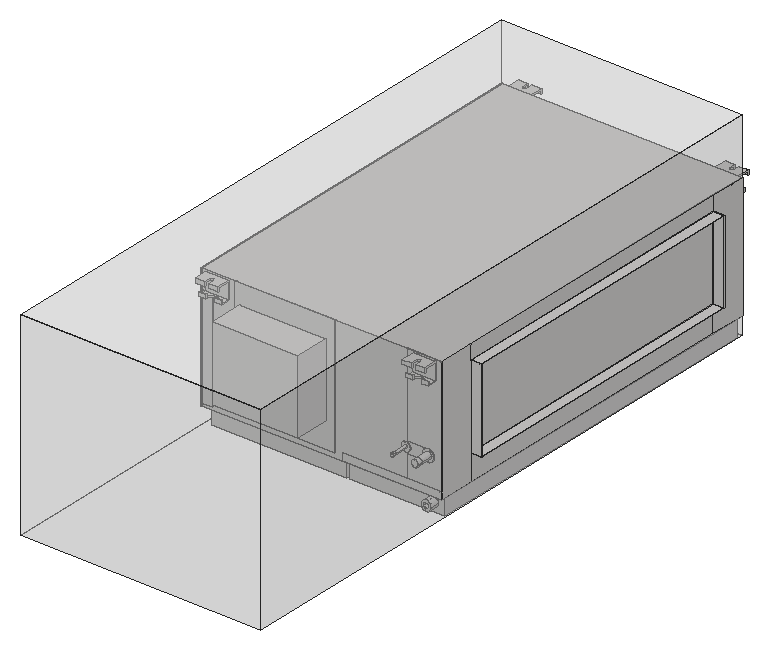
Revit family "outputfile", category 機械設備, Revit 2024
Family settings
  丸型コネクタ寸法 = 半径を使用
  パーツ タイプ = 標準
  OmniClass 番号 = 23.75.10.24.21.27.27
  OmniClass タイトル = Split System Air Conditioning Units
  作業面ベース = いいえ
  常に垂直 = はい
  ロード時にボイドで切り取り = いいえ
  注釈の向きを維持 = いいえ
  共有 = いいえ
  部屋計算ポイント = はい
Parameters (values of type "FDR250QY1")
  Description = ""
  書き出し IFC クラス(タイプ) = "IfcUnitaryEquipmentType"
  定義済み IFC タイプ(タイプ) = "AIRCONDITIONINGUNIT"
  Cost = 0
  Type Comments = ""
  Keynote = ""
  Type Image = (empty or 0)
  Assembly Code = ""
  angle_Drain Pipe [instance] = if(Rear Connection_drainpipe, -90.00°, 90.00°)  # 90.00°
  製造元 = "Daikin"
  モデル = "FDR250QY1"
  w2 = if(Depth = 2195.0 mm, 0.0 mm, if(Depth = 1980.0 mm, 0.0 mm, 352.0 mm))  # 352.0 mm
  w1 = if(Depth = 2195.0 mm, 0.0 mm, if(Depth = 1980.0 mm, 1.0 mm, 20.0 mm))  # 20.0 mm
  switch_frequency = yes
  r_Liquid Pipe Size = Liquid Pipe Size / 2  # 4.75 mm
  r_Gas Pipe Size = Gas Pipe Size / 2  # 11.1 mm
  r_Drain Pipe Size = Drain Pipe Size / 2  # 9.55 mm
  r_D = if(Depth = 2195.0 mm, 41.5 mm, if(Depth = 1980.0 mm, 41.5 mm, 34.5 mm))  # 34.5 mm
  lw_power = if(Depth = 2195.0 mm, Width / 2 - 249.0 mm, if(Depth = 1980.0 mm, Width / 2 - 128.0 mm, Width / 2 - 138.0 mm))  # 287.0 mm
  lw_mountinghole = if(Depth = 2195.0 mm, 100.0 mm, if(Depth = 1980.0 mm, 100.0 mm, if(Depth = 1330.0 mm, 59.0 mm, 59.0 mm)))  # 59.0 mm
  lh_SA = if(Depth = 2195.0 mm, 263.0 mm + SA Duct Size Height / 2, if(Depth = 1980.0 mm, 257.0 mm + SA Duct Size Height / 2, 156.0 mm + SA Duct Size Height / 2))  # 303.0 mm
  ld_SA = if(Depth = 2195.0 mm, 570.0 mm + SA Duct Size Width / 2, if(Depth = 1980.0 mm, 479.0 mm + SA Duct Size Width / 2, 128.0 mm + SA Duct Size Width / 2))  # 665.0 mm
  ld_RA = if(Depth = 2195.0 mm, 171.0 mm + RA Duct Size Width / 2, if(Depth = 1980.0 mm, 169.0 mm + RA Duct Size Width / 2, 128.0 mm + RA Duct Size Width / 2))  # 665.0 mm
  lh_power = if(Depth = 2195.0 mm, 490.0 mm, if(Depth = 1980.0 mm, 300.0 mm, 200.0 mm))  # 200.0 mm
  lh_RA = if(Depth = 2195.0 mm, 60.0 mm + RA Duct Size Height / 2, if(Depth = 1980.0 mm, 61.0 mm + RA Duct Size Height / 2, 156.0 mm + RA Duct Size Height / 2))  # 303.0 mm
  ld_power = if(Depth = 2195.0 mm, 75.8 mm, if(Depth = 1980.0 mm, 70.0 mm, 76.6 mm))  # 76.6 mm
  l_SA = if(Depth = 2195.0 mm, 36.0 mm, if(Depth = 1980.0 mm, 35.0 mm, 39.0 mm))  # 39.0 mm
  l_RA = if(Depth = 2195.0 mm, 36.0 mm, if(Depth = 1980.0 mm, 35.0 mm, 39.0 mm))  # 39.0 mm
  d = if(Depth = 1330.0 mm, 20.0 mm, 0.0 mm)  # 20.0 mm
  connector_voltage = Voltage_50Hz  # 400 V
  connector_powerinput = [Power Input (Cooling)]  # 10.700 kW
  connector_phase = Phase_50Hz  # 3
  Voltage_comment_50Hz = "380 - 415"
  Voltage_50Hz = 400 V
  URL = ""
  Supply Air Direction [instance] = yes
  Sound Power Level_H speed (dB) = 0
  Rear Connection_drainpipe [instance] = not(Front Connection_drainpipe)  # no
  Phase_50Hz = 3
  Minimum External Static Pressure = 0.00 Pa
  Minimum Circuit Amps_50Hz = 4.4 A
  Maximum Fuse Amps_50Hz = 16.0 A
  Maximum External Static Pressure = 98.00 Pa
  Material_Casing = DAIKIN_GalvanizedSteel_Casing_indoorunit
  lw_mountinghole_pitch = if(Depth = 2195.0 mm, 600.0 mm, if(Depth = 1980.0 mm, 600.0 mm, if(Depth = 1330.0 mm, 732.0 mm, 732.0 mm)))  # 732.0 mm
  lh_gaspipe = if(Depth = 2195.0 mm, 205.0 mm, if(Depth = 1980.0 mm, 205.0 mm, 187.0 mm))  # 187.0 mm
  lh_mountinghole = if(Depth = 2195.0 mm, 0.0 mm, if(Depth = 1980.0 mm, 0.0 mm, if(Depth = 1330.0 mm, 495.0 mm, 495.0 mm)))  # 495.0 mm
  lh_liquidpipe = if(Depth = 2195.0 mm, 285.0 mm, if(Depth = 1980.0 mm, 285.0 mm, 187.0 mm))  # 187.0 mm
  lh_drainpipe = if(Depth = 2195.0 mm, 38.0 mm, if(Depth = 1980.0 mm, 38.0 mm, 32.0 mm))  # 32.0 mm
  l_antena = Height - lh_mountinghole + 1.0 mm  # 6.0 mm
  ld_drainpipe = if(Depth = 2195.0 mm, Depth / 2 + 29.0 mm, if(Depth = 1980.0 mm, Depth / 2 + 29.0 mm, Depth / 2 + 9.0 mm))  # 674.0 mm
  ld_liquidpipe = if(Depth = 2195.0 mm, Depth / 2 + 55.0 mm, if(Depth = 1980.0 mm, Depth / 2 + 55.0 mm, Depth / 2 + 60.0 mm))  # 725.0 mm
  ld_gaspipe = if(Depth = 2195.0 mm, Depth / 2 + 55.0 mm, if(Depth = 1980.0 mm, Depth / 2 + 55.0 mm, Depth / 2 + 58.0 mm))  # 723.0 mm
  ld_mountinghole_pitch = if(Depth = 2195.0 mm, 2280.0 mm, if(Depth = 1980.0 mm, 2070.0 mm, 1386.0 mm))  # 1386.0 mm
  h*** = 0.0 mm  # constant formula
  lw_liquidpipe = if(Depth = 2195.0 mm, 83.0 mm, if(Depth = 1980.0 mm, 87.0 mm, 126.0 mm))  # 126.0 mm
  lw_gaspipe = if(Depth = 2195.0 mm, 83.0 mm, if(Depth = 1980.0 mm, 87.0 mm, 47.0 mm))  # 47.0 mm
  lw_drainpipe = if(Depth = 2195.0 mm, 43.0 mm, if(Depth = 1980.0 mm, 45.0 mm, 46.0 mm))  # 46.0 mm
  Width = 850.0 mm
  Version = "ver.1.0"
  Unit Type = "Duct"
  Unit Mass Weight = 106.00 kg
  Unit Designation [instance] = ""
  Uniclass2015Version = "Products v1.30"
  Uniclass2015Title = "Split coil room air conditioning units"
  Uniclass2015Code = "Pr_70_65_03_86"
  Total Cooling Capacity [instance] = 0.000 kW
  Sound Pressure Level_M speed (dBA) = 0
  Sound Pressure Level_L speed (dBA) = 0
  Sound Pressure Level_H speed (dBA) = 57
  Series = "Package Aircon_Fan Coil Unit"
  Sensible Cooling Capacity [instance] = 0.000 kW
  SA Duct Size Width = 1074.0 mm
  SA Duct Size Height = 294.0 mm
  Refrigerant Type = "R410A"
  RA Duct Size Width = 1074.0 mm
  RA Duct Size Height = 294.0 mm
  Power Input (Cooling) = 10.700 kW
  Option Accessory 3 [instance] = ""
  Option Accessory 2 [instance] = ""
  Option Accessory 1 [instance] = ""
  Nominal Cooling Capacity = 28.900 kW
  Minimum Airflow = 0.00 m³/h
  Median Airflow = 0.00 m³/h
  Maximum Airflow = 4680.00 m³/h
  Load Classification = HVAC
  Liquid Pipe Size = 9.5 mm
  Link_Nested Family [instance] = ""
  Front Connection_drainpipe [instance] = yes
  IfcVersion = ""
  IfcExportType = "AIRCONDITIONINGUNIT"
  IfcExportAs = "IfcUnitaryEquipmentType"
  Height = 500.0 mm
  Heat Exchanger Type = "Cross Fin Coil"
  Gas Pipe Size = 22.2 mm
  Frequency_50Hz = 50 Hz
  Fan Type = "Sirocco Fan"
  Fan Drive = "-"
  FCU Tag No. [instance] = ""
  Drain Pipe Size = 19.1 mm
  Design Supply Airflow [instance] = 0.00 m³/h
  Design Return Airflow [instance] = 0.00 m³/h
  Design External Static Pressure [instance] = 0.00 Pa
  Depth = 1330.0 mm
  既定の高さ = 0.0 mm
  Cooling Entering Wet Bulb Temperature [instance] = 0.00 °C
  Cooling Entering Dry Bulb Temperature [instance] = 0.00 °C
  Cooling Ambient Wet Bulb Temperature [instance] = 0.00 °C
  Cooling Ambient Dry Bulb Temperature [instance] = 0.00 °C
  Clearance visibility [instance] = yes
  Clearance Top = 200.0 mm
  Clearance Right = 0.0 mm
  Clearance Rear = 0.0 mm
  Clearance Left = 0.0 mm
  Clearance Front = 800.0 mm
  Clearance Bottom = 0.0 mm
  A = if(Depth = 2195.0 mm, 60.0 mm, if(Depth = 1980.0 mm, 61.0 mm, 63.0 mm))  # 63.0 mm
  300-500 = not([200/250])  # no
  200/250 = Depth = 1330.0 mm  # yes
Reference planes
  plane 1 "Center (Front/Back)": y = 0
  plane 2 "h": z = 0
  plane 3 "Center (Left/Right)": x = 0
  plane 4 "Back": y = 665
  plane 5 "Front": y = -665
  plane 6 "Left": x = -425
  plane 7 "Right": x = 425
  plane 8 "Top": z = 0
  plane 9 "Bottom": z = -500
  plane 10: y = 665
  plane 11: y = -1465
  plane 12: x = -425
  plane 13: x = 425
  plane 14: z = 200
  plane 15: z = -500
  plane 16 "ld_RA": y = 0
  plane 17 "lh_RA": z = -197
  plane 18 "ld_gaspipe": y = -723
  plane 19 "ld_drainpipe": y = -674
  plane 20 "lw_drainpipe": x = 379
  plane 21 "lw_liquidpipe": x = 299
  plane 22 "lw_gaspipe": x = 378
  plane 23 "lw_mountinghole": x = -366
  plane 24 "lw_mountinghole1": x = 366
  plane 25 "ld_mountinghole": y = -693
  plane 26 "ld_mountinghole1": y = 693
  plane 27 "lh_mountinghole": z = -5
  plane 28 "lh_SA": z = -197
  plane 29 "ld_liquidpipe": y = -725
  plane 30 "ld_power": y = -741.6
  plane 31 "ld_drainpipe1": y = 674
  plane 32 "ld_SA": y = 0
  plane 33 "A": z = -437
  plane 34: y = 645
  plane 35: y = -645
  plane 36: x = -405
  plane 37: x = 73
  plane 38: z = -468
  plane 39: z = -468
Forms (mm)
  Extrusion 1, solid, material "DAIKIN_GalvanizedSteel_Casing_indoorunit" <- "Material_Casing"
    sketch origin (0, 0, -500) x (-1, 0, 0) y (0, -1, 0)
      loop
        line (424, -665) -> (424, 665) -> (-425, 665) -> (-425, -665) -> (424, -665)
    from 500 to 63
  Extrusion 2, solid, material "DAIKIN_GalvanizedSteel_Casing_indoorunit" <- "Material_Casing"
    sketch origin (0, 0, -500) x (-1, 0, 0) y (0, -1, 0)
      loop
        line (405, -645) -> (405, 645) -> (-73, 645) -> (-73, -645) -> (405, -645)
    from 0 to 63
  Extrusion 3, solid, material "DAIKIN_GalvanizedSteel_Casing_indoorunit" <- "Material_Casing", visible <- "200/250"
    sketch origin (0, 0, 0) x (1, 0, 0) y (0, 0, 1)
      loop
        line (84.8, -437) -> (84.8, -500) -> (419.6, -500) -> (419.6, -437) -> (84.8, -437)
    from -645 to 645
  Extrusion 4, solid, material "DAIKIN_GalvanizedSteel_Casing_indoorunit" <- "Material_Casing", visible <- "Front Connection_drainpipe"
    sketch origin (73, -645, -500) x (-1, 0, 0) y (0, 0, -1)
      loop
        circle (-306, -32) r 17.25
      loop
        circle (-306, -32) r 9.55
    from 0 to 29
  Extrusion 5, solid, material "DAIKIN_GalvanizedSteel_Casing_indoorunit" <- "Material_Casing", visible <- "Rear Connection_drainpipe"
    sketch origin (-405, 645, -500) x (1, 0, 0) y (0, 0, -1)
      loop
        circle (784, -32) r 17.25
      loop
        circle (784, -32) r 9.55
    from 0 to 29
Dimensions and locks
  "Height": plane 8 "Top" to plane 9 "Bottom"
  equal spacing: plane 4 "Back", plane 1 "Center (Front/Back)", plane 5 "Front"
  "Depth": plane 4 "Back" to plane 5 "Front"
  equal spacing: plane 6 "Left", plane 3 "Center (Left/Right)", plane 7 "Right"
  "Width": plane 6 "Left" to plane 7 "Right"
  "Clearance Left": plane 12 to plane 6 "Left"
  "Clearance Right": plane 7 "Right" to plane 13
  "Clearance Rear": plane 10 to plane 4 "Back"
  "Clearance Front": plane 5 "Front" to plane 11
  "Clearance Top": plane 14 to plane 8 "Top"
  "Clearance Bottom": plane 9 "Bottom" to plane 15
  "ld_RA": plane 16 "ld_RA" to plane 5 "Front"
  "lh_RA": plane 17 "lh_RA" to plane 9 "Bottom"
  "lw_drainpipe": plane 20 "lw_drainpipe" to plane 7 "Right"
  "lw_liquidpipe": plane 21 "lw_liquidpipe" to plane 7 "Right"
  "lw_gaspipe": plane 22 "lw_gaspipe" to plane 7 "Right"
  "lw_mountinghole_pitch": plane 23 "lw_mountinghole" to plane 24 "lw_mountinghole1"
  equal spacing: plane 25 "ld_mountinghole", plane 1 "Center (Front/Back)", plane 26 "ld_mountinghole1"
  "ld_mountinghole_pitch": plane 26 "ld_mountinghole1" to plane 25 "ld_mountinghole"
  "lh_mountinghole": plane 27 "lh_mountinghole" to plane 9 "Bottom"
  "lh_SA": plane 28 "lh_SA" to plane 9 "Bottom"
  "h***": plane 8 "Top" to plane 2 "h"
  "lw_mountinghole": plane 6 "Left" to plane 23 "lw_mountinghole"
  "ld_drainpipe": plane 31 "ld_drainpipe1" to plane 1 "Center (Front/Back)"
  "ld_drainpipe": plane 1 "Center (Front/Back)" to plane 19 "ld_drainpipe"
  "ld_power": plane 5 "Front" to plane 30 "ld_power"
  "ld_liquidpipe": plane 29 "ld_liquidpipe" to plane 1 "Center (Front/Back)"
  "ld_gaspipe": plane 18 "ld_gaspipe" to plane 1 "Center (Front/Back)"
  "ld_SA": plane 32 "ld_SA" to plane 5 "Front"
  "A": plane 33 "A" to plane 9 "Bottom"
  "w1": plane 6 "Left" to plane 36
  "d": plane 4 "Back" to plane 34
  "d": plane 35 to plane 5 "Front"
  "w2": plane 37 to plane 7 "Right"
  locked: plane 6 "Left" to Extrusion 1 sketch curve at 1
  locked: Extrusion 3 sketch curve to Extrusion 3 sketch curve at 334.8
  locked: Extrusion 3 sketch curve to plane 7 "Right" at 5.4
  "lh_drainpipe": plane 38 to plane 9 "Bottom"
  "lh_drainpipe": plane 39 to plane 9 "Bottom"
  "r_D": diameter of Extrusion 4 sketch curve
  "Drain Pipe Size": diameter of Extrusion 4 sketch curve
  "Drain Pipe Size": diameter of Extrusion 5 sketch curve
  "r_D": diameter of Extrusion 5 sketch curve
  aligned and locked: level to plane 2 "h"
  aligned and locked: nested 4 to plane 11
  aligned and locked: nested 4 to plane 12  (x2)
  aligned and locked: nested 4 to plane 13
  aligned and locked: plane 10 to nested 4
  aligned and locked: plane 14 to nested 4
  aligned and locked: plane 15 to nested 4
  aligned and locked: nested 2 to plane 21 "lw_liquidpipe"
  aligned and locked: nested 1 to plane 22 "lw_gaspipe"
  aligned and locked: nested 1 to plane 18 "ld_gaspipe"
  aligned and locked: plane 23 "lw_mountinghole" to nested 6
  aligned and locked: nested 6 to plane 26 "ld_mountinghole1"
  aligned and locked: plane 24 "lw_mountinghole1" to nested 5
  aligned and locked: nested 5 to plane 26 "ld_mountinghole1"
  aligned and locked: plane 24 "lw_mountinghole1" to nested 8
  aligned and locked: plane 25 "ld_mountinghole" to nested 8
  aligned and locked: plane 25 "ld_mountinghole" to nested 7
  aligned and locked: plane 23 "lw_mountinghole" to nested 7
  aligned and locked: nested 2 to plane 29 "ld_liquidpipe"
  aligned and locked: plane 28 "lh_SA" to nested 9
  aligned and locked: nested 3 to plane 3 "Center (Left/Right)"
  aligned and locked: plane 1 "Center (Front/Back)" to nested 3
  aligned and locked: nested 11 to plane 3 "Center (Left/Right)"
  aligned and locked: nested 11 to plane 30 "ld_power"
  aligned and locked: nested 9 to plane 6 "Left"
  aligned and locked: nested 9 to plane 32 "ld_SA"
  aligned and locked: plane 7 "Right" to nested 10
  aligned and locked: plane 16 "ld_RA" to nested 10
  aligned and locked: plane 7 "Right" to nested 12
  aligned and locked: nested 12 to plane 1 "Center (Front/Back)"
  aligned and locked: plane 1 "Center (Front/Back)" to nested 13
  aligned and locked: nested 13 to plane 6 "Left"
  aligned and locked: plane 9 "Bottom" to nested 13
  aligned and locked: Extrusion 1 sketch curve to plane 4 "Back"
  aligned and locked: plane 5 "Front" to Extrusion 1 sketch curve
  aligned and locked: Extrusion 1 sketch curve to plane 7 "Right"
  aligned and locked: Extrusion 1 to plane 8 "Top"
  aligned and locked: Extrusion 1 to plane 33 "A"
  aligned and locked: Extrusion 2 sketch curve to plane 34
  aligned and locked: plane 36 to Extrusion 2 sketch curve
  aligned and locked: plane 35 to Extrusion 2 sketch curve
  aligned and locked: Extrusion 2 sketch curve to plane 37
  aligned and locked: plane 33 "A" to Extrusion 2
  aligned and locked: Extrusion 2 to plane 9 "Bottom"
  aligned and locked: plane 25 "ld_mountinghole" to nested 14
  aligned and locked: nested 15 to plane 26 "ld_mountinghole1"
  aligned and locked: plane 23 "lw_mountinghole" to nested 14
  aligned and locked: nested 15 to plane 23 "lw_mountinghole"
  aligned and locked: plane 9 "Bottom" to nested 15
  aligned and locked: nested 14 to plane 9 "Bottom"
  aligned and locked: plane 23 "lw_mountinghole" to nested 16
  aligned and locked: plane 24 "lw_mountinghole1" to nested 17
  aligned and locked: nested 16 to plane 25 "ld_mountinghole"
  aligned and locked: nested 17 to plane 25 "ld_mountinghole"
  aligned and locked: nested 18 to plane 26 "ld_mountinghole1"
  aligned and locked: nested 19 to plane 26 "ld_mountinghole1"
  aligned and locked: nested 19 to plane 24 "lw_mountinghole1"
  aligned and locked: nested 18 to plane 23 "lw_mountinghole"
  aligned and locked: plane 27 "lh_mountinghole" to nested 18
  aligned and locked: plane 27 "lh_mountinghole" to nested 16
  aligned and locked: plane 27 "lh_mountinghole" to nested 19
  aligned and locked: plane 27 "lh_mountinghole" to nested 17
  aligned and locked: plane 8 "Top" to nested 12
  aligned and locked: Extrusion 3 sketch curve to plane 33 "A"
  aligned and locked: plane 9 "Bottom" to Extrusion 3 sketch curve
  aligned and locked: Extrusion 3 to Extrusion 2
  aligned and locked: Extrusion 2 to Extrusion 3
  aligned and locked: nested 20 to plane 5 "Front"
  aligned and locked: plane 3 "Center (Left/Right)" to nested 20
  aligned and locked: plane 9 "Bottom" to nested 20
  aligned and locked: Extrusion 4 sketch curve to plane 20 "lw_drainpipe"  (x2)
  aligned and locked: plane 38 to Extrusion 4 sketch curve  (x2)
  aligned and locked: Extrusion 4 to plane 19 "ld_drainpipe"
  aligned and locked: Extrusion 5 sketch curve to plane 20 "lw_drainpipe"  (x2)
  aligned and locked: plane 39 to Extrusion 5 sketch curve  (x2)
  aligned and locked: plane 31 "ld_drainpipe1" to Extrusion 5
  aligned and locked: plane 1 "Center (Front/Back)" to nested 21
  aligned and locked: nested 21 to plane 20 "lw_drainpipe"
Nested families
  nested 1: "daikin_connector_rotate2" at (378, 0, -313), length <- "ld_gaspipe", built-in parameter 1001364 <- "lh_gaspipe", radius <- "r_Gas Pipe Size", type "daikin_connector_rotate2"
    with radius 11.1 mm, length 723.0 mm, angle_vertical 90.00°
  nested 2: "daikin_connector_rotate2" at (299, 0, -313), length <- "ld_liquidpipe", built-in parameter 1001364 <- "lh_liquidpipe", radius <- "r_Liquid Pipe Size", type "daikin_connector_rotate2"
    with radius 4.75 mm, length 725.0 mm, angle_vertical 90.00°
  nested 3: "daikin_△_symbolicline" at (0, 0, 500) x (0, -1, 0) z (0, 0, 1), built-in parameter 1001364 <- "Height", visible <- "Supply Air Direction", type "daikin_△_symbolicline"
    with length 250.0 mm
  nested 4: "daikin_clearancespace" at (0, -400, -149.881), visible <- "Clearance visibility", show <- "Clearance visibility", Link_Nested Family <- "Link_Nested Family", type "daikin_clearancespace"
    with width 850.0 mm, show yes, height 700.0 mm, depth 2130.0 mm, Link_Nested Family ""
  nested 5: "daikin_mountinghole" at (366, 693, -500), l_antenna <- "l_antena", Link_Nested Family <- "Link_Nested Family", h_mountinghole <- "lh_mountinghole", type "daikin_mountinghole"
    with show yes, l_antenna 6.0 mm, h_mountinghole 495.0 mm, Link_Nested Family ""
  nested 6: "daikin_mountinghole" at (-366, 693, -500), l_antenna <- "l_antena", Link_Nested Family <- "Link_Nested Family", h_mountinghole <- "lh_mountinghole", type "daikin_mountinghole"
    with show yes, l_antenna 6.0 mm, h_mountinghole 495.0 mm, Link_Nested Family ""
  nested 7: "daikin_mountinghole" at (-366, -693, -500), h_mountinghole <- "lh_mountinghole", l_antenna <- "l_antena", Link_Nested Family <- "Link_Nested Family", type "daikin_mountinghole"
    with show yes, l_antenna 6.0 mm, h_mountinghole 495.0 mm, Link_Nested Family ""
  nested 8: "daikin_mountinghole" at (366, -693, -500), h_mountinghole <- "lh_mountinghole", l_antenna <- "l_antena", Link_Nested Family <- "Link_Nested Family", type "daikin_mountinghole"
    with show yes, l_antenna 6.0 mm, h_mountinghole 495.0 mm, Link_Nested Family ""
  nested 9: "daikin_connector_rotate2" at (-425, 0, -197) x (0, -1, 0) z (0, 0, 1), built-in parameter 1001364 <- "lh_SA", length <- "l_SA", type "daikin_connector_rotate2"
    with radius 10.0 mm, length 39.0 mm, angle_vertical 90.00°
  nested 10: "daikin_connector_rotate2" at (425, 0, -197) x (0, 1, 0) z (0, 0, 1), built-in parameter 1001364 <- "lh_RA", length <- "l_RA", type "daikin_connector_rotate2"
    with radius 10.0 mm, length 39.0 mm, angle_vertical 90.00°
  nested 11: "daikin_connector_rotate2" at (0, -741.6, -300) x (0, -1, 0) z (0, 0, 1), length <- "lw_power", built-in parameter 1001364 <- "lh_power", type "daikin_connector_rotate2"
    with radius 10.0 mm, length 287.0 mm, angle_vertical 90.00°
  nested 12: "daikin_RA ductflange_FDR-QY1" at (425, 0, -500) x (0, 1, 0) z (0, 0, 1), type "daikin_RA ductflange_FDR-QY1"
    with lh_RA 156.0 mm, ld_RA 128.0 mm, l_RA 39.0 mm, a 63.0 mm, RA Duct Size Width 1074.0 mm, RA Duct Size Height 294.0 mm, Depth 1330.0 mm, Height 500.0 mm, t 0.8 mm, 200/250 yes
  nested 13: "daikin_SA ductflange_FDR-QY1" at (-425, 0, -500) x (0, -1, 0) z (0, 0, 1), type "daikin_SA ductflange_FDR-QY1"
    with lh_SA 156.0 mm, ld_SA 128.0 mm, l_SA 39.0 mm, a 63.0 mm, SA Duct Size Width 1074.0 mm, SA Duct Size Height 294.0 mm, Depth 1330.0 mm, Height 500.0 mm, t 0.8 mm, 450/500 no, 200/250以外 no, 200/250 yes
  nested 14: "daikin_anchor boltsfixture_FDR-QY1" at (-366, -693, -500), visible <- "300-500", type "daikin_anchor boltsfixture_FDR-QY1"
    with b 45.0 mm, a 61.0 mm, Width 850.0 mm, Height 500.0 mm
  nested 15: "daikin_anchor boltsfixture_FDR-QY1" at (-366, 693, -500), visible <- "300-500", type "daikin_anchor boltsfixture_FDR-QY1"
    with b 45.0 mm, a 61.0 mm, Width 850.0 mm, Height 500.0 mm
  nested 16: "daikin_hangerfixture_FDR-QY1" at (-366, -693, -5) x (0, 1, 0) z (0, 0, 1), visible <- "200/250", type "daikin_hangerfixture_FDR-QY1"
  nested 17: "daikin_hangerfixture_FDR-QY1" at (366, -693, -5) x (0, 1, 0) z (0, 0, 1), visible <- "200/250", type "daikin_hangerfixture_FDR-QY1"
  nested 18: "daikin_hangerfixture_FDR-QY1" at (-366, 693, -5) x (0, -1, 0) z (0, 0, 1), visible <- "200/250", type "daikin_hangerfixture_FDR-QY1"
  nested 19: "daikin_hangerfixture_FDR-QY1" at (366, 693, -5) x (0, -1, 0) z (0, 0, 1), visible <- "200/250", type "daikin_hangerfixture_FDR-QY1"
  nested 20: "daikin_rightpanel_FDR-QY1" at (0, -665, -500), material <- "Material_Casing", type "daikin_rightpanel_FDR-QY1"
    with material DAIKIN_GalvanizedSteel_Casing_indoorunit, 内径_gaspipe 22.2 mm, 内径_liquidpipe 9.5 mm
  nested 21: "daikin_connector_rotate2" at (379, 0, -468), built-in parameter 1001364 <- "lh_drainpipe", length <- "ld_drainpipe", radius <- "r_Drain Pipe Size", angle_vertical <- "angle_Drain Pipe", type "daikin_connector_rotate2"
    with radius 9.55 mm, length 674.0 mm, angle_vertical 90.00°
Connectors
  piping at (378, -723, -313), diameter 22.2, driven by "r_Gas Pipe Size"
    settings: on nested 1, index 4, connector inside diameter 609.6 mm, connector length 0.0 mm, flow factor 0, pipe flow 0.00 m³/h, pressure drop 0.0 Pa, fitting loss kfactor 0, connector angle 0.00°, fixture units 0, engagement length 0.0 mm, angle of deflection 0.00°, flow configuration 1, flow direction 2, fitting loss method 0, system type 29, joint type 0, gender type 0, connector reference index -1, connector utility 0, adjustable connector no, is connector primary yes, connector description "Refrigerant Gas Piping"
  piping at (299, -725, -313), diameter 9.5, driven by "r_Liquid Pipe Size"
    settings: on nested 2, index 5, connector inside diameter 609.6 mm, connector length 0.0 mm, flow factor 0, pipe flow 0.00 m³/h, pressure drop 0.0 Pa, fitting loss kfactor 0, connector angle 0.00°, fixture units 0, engagement length 0.0 mm, angle of deflection 0.00°, flow configuration 1, flow direction 1, fitting loss method 0, system type 29, joint type 0, gender type 0, connector reference index -1, connector utility 0, adjustable connector no, is connector primary no, connector description "Refrigerant Liquid Piping"
  hvac at (-464, 0, -197), driven by "SA Duct Size Height", driven by "SA Duct Size Width"
    settings: on nested 9, index 7, duct flow 0.00 m³/h, flow factor 0, pres drop 0.00 Pa, loss coef 0, conn angle 0.00°, conn width 1074.0 mm, conn height 294.0 mm, conn diameter 609.6 mm, duct sys type 1, conn prof type 1, flow config 0, flow direction 2, loss method 4, conn ref index -1, conn util no, is conn primary yes, conn desc "SA Duct"
  hvac at (464, 0, -197), driven by "RA Duct Size Height", driven by "RA Duct Size Width"
    settings: on nested 10, index 8, duct flow 0.00 m³/h, flow factor 0, pres drop 0.00 Pa, loss coef 0, conn angle 0.00°, conn width 1074.0 mm, conn height 294.0 mm, conn diameter 609.6 mm, duct sys type 2, conn prof type 1, flow config 0, flow direction 1, loss method 4, conn ref index -1, conn util no, is conn primary no, conn desc "RA Duct"
  electrical at (-287, -741.6, -300), driven by "connector_phase", driven by "Load Classification", driven by "connector_voltage", driven by "connector_powerinput"
    settings: on nested 11, index 9, voltage 400 V, apparent load 10700 VA, apparent load phase1 0 VA, apparent load phase2 0 VA, apparent load phase3 0 VA, power factor 1, load classification "HVAC", number of poles 3, system type 30, power factor state 1, is connector primary yes, connector utility no, sub classification motor no, connector description "Power Supply"
  piping at (379, -674, -468), diameter 19.1, driven by "r_Drain Pipe Size"
    settings: on nested 21, index 10, connector inside diameter 609.6 mm, connector length 0.0 mm, flow factor 0, pipe flow 0.00 m³/h, pressure drop 0.0 Pa, fitting loss kfactor 0, connector angle 0.00°, fixture units 0, engagement length 0.0 mm, angle of deflection 0.00°, flow configuration 1, flow direction 2, fitting loss method 4, system type 16, joint type 0, gender type 0, connector reference index -1, connector utility 0, adjustable connector no, is connector primary no, connector description "Condensate Drain Piping"
Definition of nested family "daikin_clearancespace"
  Parameters (values of type "daikin_clearancespace")
    Description = "daikin_clearancespace"
    width [instance] = 1823.963 mm
    show [instance] = yes
    material = none
    height [instance] = 1359.762 mm
    depth [instance] = 880.0 mm
    Default Elevation = 0.0 mm
    Link_Nested Family [instance] = ""
  Reference planes
    plane 1 "Center (Front/Back)": y = 0
    plane 2 "Center (Elevation)": z = -0.119
    plane 3 "Center (Left/Right)": x = 0
    plane 4: y = 440
    plane 5: y = -440
    plane 6 "Right": x = 911.982
    plane 7 "Left": x = -911.982
    plane 8 "Top": z = 679.762
    plane 9 "Bottom": z = -680
  Forms (mm)
    Extrusion 1, solid, material <- "material", visible <- "show"
      sketch origin (0, 0, 0) x (1, 0, 0) y (0, 1, 0)
        loop
          line (-911.982, 440) -> (-911.982, -440) -> (911.982, -440) -> (911.982, 440) -> (-911.982, 440)
      from -680 to 679.762
  Lines and regions (mm)
    symbolic lines, visible <- "show"
      curve 1: line (911.982, 440, 0) -> (-911.982, 440, 0)
      curve 2: line (-911.982, 440, 0) -> (-911.982, -440, 0)
      curve 3: line (-911.982, -440, 0) -> (911.982, -440, 0)
      curve 4: line (911.982, -440, 0) -> (911.982, 440, 0)
      curve 5: line (911.982, 0, 679.762) -> (-911.982, 0, 679.762)
      curve 6: line (911.982, 0, -680) -> (911.982, 0, 679.762)
      curve 7: line (-911.982, 0, -680) -> (911.982, 0, -680)
      curve 8: line (-911.982, 0, 679.762) -> (-911.982, 0, -680)
      curve 9: line (0, 440, 679.762) -> (0, -440, 679.762)
      curve 10: line (0, -440, 679.762) -> (0, -440, -680)
      curve 11: line (0, 440, -680) -> (0, 440, 679.762)
      curve 12: line (0, -440, -680) -> (0, 440, -680)
  Dimensions and locks
    "width": plane 7 "Left" to plane 6 "Right"
    "depth": plane 4 to plane 5
    "height": plane 8 "Top" to plane 9 "Bottom"
    equal spacing: plane 7 "Left", plane 3 "Center (Left/Right)", plane 6 "Right"
    equal spacing: plane 4, plane 1 "Center (Front/Back)", plane 5
    equal spacing: plane 8 "Top", plane 2 "Center (Elevation)", plane 9 "Bottom"
    aligned and locked: level to plane 2 "Center (Elevation)"
    aligned and locked: Extrusion 1 sketch curve to plane 4
    aligned and locked: plane 7 "Left" to Extrusion 1 sketch curve
    aligned and locked: Extrusion 1 sketch curve to plane 5
    aligned and locked: Extrusion 1 sketch curve to plane 6 "Right"
    aligned and locked: plane 8 "Top" to Extrusion 1
    aligned and locked: curve 1 to Extrusion 1
    aligned and locked: curve 2 to Extrusion 1
    aligned and locked: curve 3 to Extrusion 1
    aligned and locked: curve 4 to Extrusion 1
    aligned and locked: curve 5 to Extrusion 1
    aligned and locked: curve 6 to Extrusion 1
    aligned and locked: curve 7 to Extrusion 1
    aligned and locked: curve 8 to Extrusion 1
    aligned and locked: curve 9 to Extrusion 1
    aligned and locked: curve 10 to Extrusion 1
    aligned and locked: curve 11 to Extrusion 1
    aligned and locked: curve 12 to Extrusion 1
    aligned and locked: Extrusion 1 to plane 9 "Bottom"
Definition of nested family "daikin_RA ductflange_FDR-QY1"
  Parameters (values of type "daikin_RA ductflange_FDR-QY14")
    lh_RA = if(Depth = 2195.0 mm, 60.0 mm, if(Depth = 1980.0 mm, 61.0 mm, 156.0 mm))  # 60.0 mm
    ld_RA = if(Depth = 2195.0 mm, 171.0 mm, if(Depth = 1980.0 mm, 169.0 mm, 128.0 mm))  # 171.0 mm
    l_RA = if(Depth = 2195.0 mm, 36.0 mm, if(Depth = 1980.0 mm, 35.0 mm, 39.0 mm))  # 36.0 mm
    a = if(Depth = 2195.0 mm, 60.0 mm, if(Depth = 1980.0 mm, 61.0 mm, 63.0 mm))  # 60.0 mm
    RA Duct Size Width = if(Depth = 2195.0 mm, 1974.0 mm, if(Depth = 1980.0 mm, 1764.0 mm, 1074.0 mm))  # 1974.0 mm
    RA Duct Size Height = if(Depth = 2195.0 mm, 679.0 mm, if(Depth = 1980.0 mm, 544.0 mm, 294.0 mm))  # 679.0 mm
    Depth = 2195.0 mm
    material = none
    Height = 760.0 mm
    t = if(Depth = 1330.0 mm, 0.8 mm, 1.0 mm)  # 1.0 mm
    Default Elevation = 0.0 mm
    200/250 = Depth = 1330.0 mm  # no
  Reference planes
    plane 1 "Center (Front/Back)": y = 0
    plane 2: z = 0
    plane 3 "Center (Left/Right)": x = 0
    plane 4: x = -1097.5
    plane 5: x = 1097.5
    plane 6: z = 760
    plane 7: z = 739
    plane 8 "a": z = 60
    plane 9: x = -926.5
    plane 10: x = 1047.5
    plane 11: x = -925.5
    plane 12: x = 1046.5
    plane 13: z = 60
    plane 14: y = -36
    plane 15: y = 1
    plane 16: x = -925.5
    plane 17: x = 1046.5
  Forms (mm)
    Extrusion 1, solid, material <- "material"
      sketch origin (0, 0, 0) x (1, 0, 0) y (0, 0, 1)
        loop
          line (-1097.5, 760) -> (-1097.5, 60) -> (-925.5, 60) -> (-925.5, 760) -> (-1097.5, 760)
      from 0 to -1
    Extrusion 2, solid, material <- "material"
      sketch origin (0, 0, 0) x (1, 0, 0) y (0, 0, 1)
        loop
          line (1097.5, 760) -> (1046.5, 760) -> (1046.5, 60) -> (1097.5, 60) -> (1097.5, 760)
      from 0 to -1
    Extrusion 3, solid, material <- "material"
      sketch origin (0, 0, 0) x (1, 0, 0) y (0, 0, 1)
        loop
          line (-926.5, 739) -> (-926.5, 60) -> (-925.5, 60) -> (-925.5, 739) -> (-926.5, 739)
        loop
          line (1046.5, 739) -> (1046.5, 60) -> (1047.5, 60) -> (1047.5, 739) -> (1046.5, 739)
      from 0 to 36
    Extrusion 4, solid, material <- "material"
      sketch origin (0, 0, 0) x (0, 1, 0) y (0, 0, 1)
        loop
          line (-36, 739) -> (-36, 738) -> (1, 738) -> (1, 760) -> (0, 760) -> (0, 739) -> (-36, 739)
        loop
          line (-36, 61) -> (-36, 60) -> (1, 60) -> (1, 61) -> (-36, 61)
      from -925.5 to 1046.5
    Extrusion 5, solid, material <- "material", visible <- "200/250"
      sketch origin (0, 0, 0) x (0, 1, 0) y (0, 0, 1)
        loop
          line (0, 60) -> (0, -33) -> (1, -33) -> (1, 60) -> (0, 60)
      from -925.5 to 1046.5
  Dimensions and locks
    equal spacing: plane 5, plane 3 "Center (Left/Right)", plane 4
    "Depth": plane 5 to plane 4
    "Height": plane 6 to plane 2
    "ld_RA": plane 9 to plane 4
    "RA Duct Size Width": plane 10 to plane 9
    "a": plane 8 "a" to plane 2
    "t": plane 11 to plane 9
    "t": plane 10 to plane 12
    "lh_RA": plane 13 to plane 2
    "RA Duct Size Height": plane 7 to plane 13
    "t": Extrusion 3 sketch curve to Extrusion 3 sketch curve  (x2)
    "l_RA": plane 14 to plane 1 "Center (Front/Back)"
    "t": plane 15 to plane 1 "Center (Front/Back)"
    "t": Extrusion 4 sketch curve to Extrusion 4 sketch curve  (x2)
    "t": plane 17 to plane 10
    "t": plane 9 to plane 16
    locked: Extrusion 5 sketch curve to Extrusion 5 sketch curve at 93
    aligned and locked: level to plane 2
    aligned and locked: Extrusion 1 sketch curve to plane 6
    aligned and locked: plane 4 to Extrusion 1 sketch curve
    aligned and locked: plane 8 "a" to Extrusion 1 sketch curve
    aligned and locked: Extrusion 1 sketch curve to plane 11
    aligned and locked: Extrusion 1 to plane 1 "Center (Front/Back)"
    aligned and locked: plane 6 to Extrusion 2 sketch curve
    aligned and locked: plane 5 to Extrusion 2 sketch curve
    aligned and locked: Extrusion 2 sketch curve to plane 8 "a"
    aligned and locked: Extrusion 2 sketch curve to plane 12
    aligned and locked: Extrusion 2 to plane 1 "Center (Front/Back)"
    aligned and locked: Extrusion 3 sketch curve to plane 7  (x2)
    aligned and locked: plane 9 to Extrusion 3 sketch curve
    aligned and locked: Extrusion 3 sketch curve to plane 10
    aligned and locked: plane 13 to Extrusion 3 sketch curve  (x2)
    aligned and locked: Extrusion 3 to plane 1 "Center (Front/Back)"
    aligned and locked: Extrusion 3 to plane 14
    aligned and locked: plane 15 to Extrusion 1
    aligned and locked: plane 15 to Extrusion 2
    aligned and locked: Extrusion 4 sketch curve to plane 7
    aligned and locked: Extrusion 4 sketch curve to plane 1 "Center (Front/Back)"
    aligned and locked: Extrusion 4 sketch curve to plane 6
    aligned and locked: Extrusion 4 sketch curve to plane 15  (x2)
    aligned and locked: plane 14 to Extrusion 4 sketch curve  (x2)
    aligned and locked: plane 13 to Extrusion 4 sketch curve
    aligned and locked: Extrusion 4 to plane 16
    aligned and locked: plane 17 to Extrusion 4
    aligned and locked: Extrusion 5 sketch curve to plane 13
    aligned and locked: Extrusion 5 sketch curve to plane 1 "Center (Front/Back)"
    aligned and locked: Extrusion 5 sketch curve to plane 15
    aligned and locked: Extrusion 5 to plane 16
    aligned and locked: plane 17 to Extrusion 5
Definition of nested family "daikin_SA ductflange_FDR-QY1"
  Parameters (values of type "daikin_SA ductflange_FDR-QY14")
    lh_SA = if(Depth = 2195.0 mm, 263.0 mm, if(Depth = 1980.0 mm, 257.0 mm, 156.0 mm))  # 263.0 mm
    ld_SA = if(Depth = 2195.0 mm, 570.0 mm, if(Depth = 1980.0 mm, 479.0 mm, 128.0 mm))  # 570.0 mm
    l_SA = if(Depth = 2195.0 mm, 36.0 mm, if(Depth = 1980.0 mm, 35.0 mm, 39.0 mm))  # 36.0 mm
    a = if(Depth = 2195.0 mm, 60.0 mm, if(Depth = 1980.0 mm, 61.0 mm, 63.0 mm))  # 60.0 mm
    SA Duct Size Width = if(Depth = 2195.0 mm, 1045.0 mm, if(Depth = 1980.0 mm, 1045.0 mm, 1074.0 mm))  # 1045.0 mm
    SA Duct Size Height = if(Depth = 2195.0 mm, 347.0 mm, if(Depth = 1980.0 mm, 349.0 mm, 294.0 mm))  # 347.0 mm
    Depth = 2195.0 mm
    material = none
    Height = 760.0 mm
    t = if(Depth = 1330.0 mm, 0.8 mm, 1.0 mm)  # 1.0 mm
    Default Elevation = 0.0 mm
    450/500 = Depth = 2195.0 mm  # yes
    300/400 = Depth = 1980.0 mm  # no
    200/250以外 = not(Depth = 1330.0 mm)  # yes
    200/250 = or(Depth = 1330.0 mm, and(not(Depth = 1980.0 mm), not(Depth = 2195.0 mm)))  # no
  Reference planes
    plane 1 "Center (Front/Back)": y = 0
    plane 2: z = 0
    plane 3 "Center (Left/Right)": x = 0
    plane 4: x = -1097.5
    plane 5: x = 1097.5
    plane 6: z = 760
    plane 7: z = 610
    plane 8 "a": z = 60
    plane 9: x = -517.5
    plane 10: x = 527.5
    plane 11: z = 263
    plane 12: y = -36
    plane 13: y = 1
    plane 14: x = -516.5
    plane 15: x = 526.5
  Forms (mm)
    Extrusion 1, solid, material <- "material"
      sketch origin (0, 0, 0) x (1, 0, 0) y (0, 0, 1)
        loop
          line (-517.5, 610) -> (-517.5, 263) -> (-516.5, 263) -> (-516.5, 610) -> (-517.5, 610)
        loop
          line (526.5, 610) -> (526.5, 263) -> (527.5, 263) -> (527.5, 610) -> (526.5, 610)
      from 0 to 36
    Extrusion 2, solid, material <- "material"
      sketch origin (0, 0, 0) x (0, 1, 0) y (0, 0, 1)
        loop
          line (-36, 610) -> (-36, 609) -> (1, 609) -> (1, 610) -> (-36, 610)
        loop
          line (-36, 264) -> (-36, 263) -> (1, 263) -> (1, 264) -> (-36, 264)
      from -516.5 to 526.5
    Extrusion 3, solid, material <- "material", visible <- "200/250以外"
      sketch origin (0, 0, 0) x (1, 0, 0) y (0, 0, 1)
        loop
          line (-537.5, 610) -> (-537.5, 263) -> (-517.5, 263) -> (-517.5, 610) -> (-537.5, 610)
        loop
          line (527.5, 610) -> (527.5, 263) -> (547.5, 263) -> (547.5, 610) -> (527.5, 610)
      from 0 to -1
    Extrusion 4, solid, material <- "material", visible <- "200/250以外"
      sketch origin (0, 0, 0) x (1, 0, 0) y (0, 0, 1)
        loop
          line (-517.5, 630) -> (-517.5, 610) -> (527.5, 610) -> (527.5, 630) -> (-517.5, 630)
        loop
          line (-517.5, 263) -> (-517.5, 243) -> (527.5, 243) -> (527.5, 263) -> (-517.5, 263)
      from 0 to -1
    Extrusion 5, solid, material <- "material", visible <- "200/250"
      sketch origin (0, 0, 0) x (1, 0, 0) y (0, 0, 1)
        loop
          line (-1097.5, 760) -> (-1097.5, 60) -> (-546.5, 60) -> (-546.5, 760) -> (-1097.5, 760)
        loop
          line (655.5, 760) -> (527.5, 760) -> (527.5, 60) -> (655.5, 60) -> (655.5, 760)
      from 0 to -1
    Extrusion 6, solid, material <- "material", visible <- "200/250"
      sketch origin (0, 0, 0) x (1, 0, 0) y (0, 0, 1)
        loop
          line (-517.5, 660) -> (-517.5, 610) -> (527.5, 610) -> (527.5, 660) -> (-517.5, 660)
        loop
          line (-517.5, 263) -> (-517.5, 170) -> (527.5, 170) -> (527.5, 263) -> (-517.5, 263)
      from 0 to -1
    Extrusion 7, solid, material <- "material", visible <- "450/500"
      sketch origin (0, 0, 0) x (1, 0, 0) y (0, 0, 1)
        loop
          line (-687.5, 610) -> (-687.5, 60) -> (-537.5, 60) -> (-537.5, 610) -> (-687.5, 610)
        loop
          line (547.5, 610) -> (547.5, 60) -> (696.5, 60) -> (696.5, 610) -> (547.5, 610)
      from 0 to -1
    Extrusion 8, solid, material <- "material", visible <- "450/500"
      sketch origin (0, 0, 0) x (1, 0, 0) y (0, 0, 1)
        loop
          line (-537.5, 243) -> (-537.5, 60) -> (547.5, 60) -> (547.5, 243) -> (-537.5, 243)
        loop
          line (-688.5, 760) -> (-688.5, 610) -> (698.5, 610) -> (698.5, 760) -> (-688.5, 760)
      from 0 to -1
    Extrusion 9, solid, material <- "material", visible <- "450/500"
      sketch origin (0, 0, 0) x (1, 0, 0) y (0, 0, 1)
        loop
          line (-1097.5, 760) -> (-1097.5, 60) -> (-688.5, 60) -> (-688.5, 760) -> (-1097.5, 760)
        loop
          line (698.5, 760) -> (698.5, 60) -> (1097.5, 60) -> (1097.5, 760) -> (698.5, 760)
      from 0 to -1
    Extrusion 10, solid, material <- "material", visible <- "300/400"
      sketch origin (0, 0, 0) x (1, 0, 0) y (0, 0, 1)
        loop
          line (-687.5, 760) -> (-687.5, 60) -> (-537.5, 60) -> (-537.5, 760) -> (-687.5, 760)
        loop
          line (547.5, 760) -> (547.5, 60) -> (696.5, 60) -> (696.5, 760) -> (547.5, 760)
      from 0 to -1
    Extrusion 11, solid, material <- "material", visible <- "300/400"
      sketch origin (0, 0, 0) x (1, 0, 0) y (0, 0, 1)
        loop
          line (-537.5, 236) -> (-537.5, 60) -> (547.5, 60) -> (547.5, 236) -> (-537.5, 236)
      from 0 to -1
    Extrusion 12, solid, material <- "material", visible <- "300/400"
      sketch origin (0, 0, 0) x (1, 0, 0) y (0, 0, 1)
        loop
          line (-973.5, 760) -> (-973.5, 0) -> (1006.5, 0) -> (1006.5, 760) -> (696.5, 760) -> (696.5, 60) -> (-687.5, 60) -> (-687.5, 760) -> (-973.5, 760)
      from 0 to -1
  Dimensions and locks
    equal spacing: plane 5, plane 3 "Center (Left/Right)", plane 4
    "Depth": plane 5 to plane 4
    "Height": plane 6 to plane 2
    "SA Duct Size Width": plane 10 to plane 9
    "a": plane 8 "a" to plane 2
    "lh_SA": plane 11 to plane 2
    "SA Duct Size Height": plane 7 to plane 11
    "t": Extrusion 1 sketch curve to Extrusion 1 sketch curve  (x2)
    "l_SA": plane 12 to plane 1 "Center (Front/Back)"
    "t": plane 13 to plane 1 "Center (Front/Back)"
    "t": Extrusion 2 sketch curve to Extrusion 2 sketch curve  (x2)
    "t": plane 15 to plane 10
    "t": plane 9 to plane 14
    locked: Extrusion 3 sketch curve to Extrusion 3 sketch curve at 20  (x2)
    locked: Extrusion 4 sketch curve to Extrusion 4 sketch curve at 20  (x2)
    Extrusion 5 sketch curve to Extrusion 5 sketch curve to Extrusion 5 sketch curve = 1074.0 mm, 128.0 mm
    locked: Extrusion 6 sketch curve to Extrusion 6 sketch curve at 50
    locked: Extrusion 6 sketch curve to Extrusion 6 sketch curve at 93
    locked: Extrusion 7 sketch curve to Extrusion 7 sketch curve at 150
    locked: Extrusion 7 sketch curve to Extrusion 7 sketch curve at 149
    locked: plane 9 to Extrusion 7 sketch curve at 20
    locked: Extrusion 7 sketch curve to plane 10 at 20
    locked: plane 9 to Extrusion 8 sketch curve at 20
    locked: plane 10 to Extrusion 8 sketch curve at 20
    locked: plane 11 to Extrusion 8 sketch curve at 20
    locked: Extrusion 8 sketch curve to Extrusion 8 sketch curve at 150
    locked: plane 9 to Extrusion 8 sketch curve at 171
    locked: plane 10 to Extrusion 8 sketch curve at 171
    locked: plane 9 to Extrusion 10 sketch curve at 20
    locked: Extrusion 10 sketch curve to plane 10 at 20
    locked: Extrusion 10 sketch curve to Extrusion 10 sketch curve at 150
    locked: Extrusion 10 sketch curve to Extrusion 10 sketch curve at 149
    locked: Extrusion 11 sketch curve to Extrusion 11 sketch curve at 176
    Extrusion 12 sketch curve to Extrusion 12 sketch curve = 286.0 mm
    Extrusion 12 sketch curve to Extrusion 12 sketch curve = 310.0 mm
    "ld_SA": plane 5 to plane 10
    aligned and locked: level to plane 2
    aligned and locked: Extrusion 1 sketch curve to plane 7  (x2)
    aligned and locked: plane 9 to Extrusion 1 sketch curve
    aligned and locked: Extrusion 1 sketch curve to plane 10
    aligned and locked: plane 11 to Extrusion 1 sketch curve  (x2)
    aligned and locked: Extrusion 1 to plane 1 "Center (Front/Back)"
    aligned and locked: Extrusion 1 to plane 12
    aligned and locked: Extrusion 2 sketch curve to plane 7
    aligned and locked: Extrusion 2 sketch curve to plane 13  (x2)
    aligned and locked: plane 12 to Extrusion 2 sketch curve  (x2)
    aligned and locked: plane 11 to Extrusion 2 sketch curve
    aligned and locked: Extrusion 2 to plane 14
    aligned and locked: plane 15 to Extrusion 2
    aligned and locked: Extrusion 3 sketch curve to plane 9
    aligned and locked: Extrusion 3 sketch curve to plane 7  (x2)
    aligned and locked: plane 11 to Extrusion 3 sketch curve
    aligned and locked: Extrusion 3 to plane 1 "Center (Front/Back)"
    aligned and locked: plane 13 to Extrusion 3
    aligned and locked: plane 9 to Extrusion 4 sketch curve
    aligned and locked: Extrusion 4 sketch curve to Extrusion 4 sketch curve  (x2)
    aligned and locked: Extrusion 4 sketch curve to plane 10
    aligned and locked: plane 7 to Extrusion 4 sketch curve
    aligned and locked: Extrusion 4 sketch curve to plane 11
    aligned and locked: Extrusion 4 to plane 1 "Center (Front/Back)"
    aligned and locked: plane 13 to Extrusion 4
    aligned and locked: Extrusion 5 sketch curve to plane 6
    aligned and locked: plane 4 to Extrusion 5 sketch curve
    aligned and locked: plane 8 "a" to Extrusion 5 sketch curve
    aligned and locked: Extrusion 5 sketch curve to plane 8 "a"
    aligned and locked: Extrusion 5 sketch curve to plane 10
    aligned and locked: Extrusion 5 to plane 1 "Center (Front/Back)"
    aligned and locked: plane 13 to Extrusion 5
    aligned and locked: plane 9 to Extrusion 6 sketch curve
    aligned and locked: Extrusion 6 sketch curve to Extrusion 6 sketch curve  (x2)
    aligned and locked: Extrusion 6 sketch curve to plane 10
    aligned and locked: plane 7 to Extrusion 6 sketch curve
    aligned and locked: Extrusion 6 sketch curve to plane 11
    aligned and locked: Extrusion 6 to plane 1 "Center (Front/Back)"
    aligned and locked: plane 13 to Extrusion 6
    aligned and locked: Extrusion 7 sketch curve to Extrusion 7 sketch curve  (x2)
    aligned and locked: Extrusion 7 sketch curve to plane 7
    aligned and locked: plane 8 "a" to Extrusion 7 sketch curve
    aligned and locked: Extrusion 7 to plane 1 "Center (Front/Back)"
    aligned and locked: plane 13 to Extrusion 7
    aligned and locked: plane 8 "a" to Extrusion 8 sketch curve
    aligned and locked: plane 7 to Extrusion 8 sketch curve
    aligned and locked: Extrusion 8 to plane 1 "Center (Front/Back)"
    aligned and locked: plane 13 to Extrusion 8
    aligned and locked: Extrusion 9 sketch curve to Extrusion 9 sketch curve  (x2)
    aligned and locked: plane 4 to Extrusion 9 sketch curve
    aligned and locked: Extrusion 9 sketch curve to plane 5
    aligned and locked: Extrusion 9 sketch curve to plane 6
    aligned and locked: plane 8 "a" to Extrusion 9 sketch curve
    aligned and locked: Extrusion 9 to plane 1 "Center (Front/Back)"
    aligned and locked: plane 13 to Extrusion 9
    aligned and locked: Extrusion 10 sketch curve to Extrusion 10 sketch curve  (x2)
    aligned and locked: Extrusion 10 sketch curve to plane 6
    aligned and locked: plane 8 "a" to Extrusion 10 sketch curve
    aligned and locked: Extrusion 10 to plane 1 "Center (Front/Back)"
    aligned and locked: plane 13 to Extrusion 10
    aligned and locked: plane 8 "a" to Extrusion 11 sketch curve
    aligned and locked: Extrusion 11 sketch curve to Extrusion 10
    aligned and locked: Extrusion 10 to Extrusion 11 sketch curve
    aligned and locked: Extrusion 11 to plane 1 "Center (Front/Back)"
    aligned and locked: plane 13 to Extrusion 11
    aligned and locked: plane 6 to Extrusion 12 sketch curve
    aligned and locked: Extrusion 12 sketch curve to plane 2
    aligned and locked: Extrusion 12 sketch curve to Extrusion 12 sketch curve
    aligned and locked: plane 8 "a" to Extrusion 12 sketch curve
    aligned and locked: Extrusion 12 to plane 1 "Center (Front/Back)"
    aligned and locked: plane 13 to Extrusion 12
    aligned and locked: Extrusion 8 to Extrusion 9 sketch curve
    aligned and locked: Extrusion 9 sketch curve to Extrusion 8
    aligned and locked: Extrusion 12 sketch curve to Extrusion 10  (x2)
  Automatic sketch dimensions
    Extrusion 3 sketch curve to plane 11 = 0.0 mm
    Extrusion 3 sketch curve to plane 10 = 0.0 mm
    Extrusion 5 sketch curve to plane 6 = 0.0 mm
Definition of nested family "daikin_anchor boltsfixture_FDR-QY1"
  Parameters (values of type "daikin_hangerfixture_FBA-BV2S9")
    material = none
    Default Elevation = 0.0 mm
    b = if(Height = 760.0 mm, 42.5 mm, 45.0 mm)  # 42.5 mm
    a = if(Height = 760.0 mm, 60.0 mm, 61.0 mm)  # 60.0 mm
    Width = 870.0 mm
    Height = 760.0 mm
  Reference planes
    plane 1 "Center (Front/Back)": y = 0
    plane 2: z = 0
    plane 3 "Center (Left/Right)": x = 0
    plane 4: x = -100
    plane 5: x = 770
    plane 6: x = 600
  Forms (mm)
    Extrusion 1, solid, material <- "material"
      sketch origin (0, 0, 0) x (0, 1, 0) y (0, 0, 1)
        loop
          line (-20, 2.3) -> (-20, 0) -> (42.5, 0) -> (42.5, 57.7) -> (54.5, 57.7) -> (54.5, 60) -> (40.2, 60) -> (40.2, 2.3) -> (-20, 2.3)
      from -100 to 770
    Extrusion 2, void
      sketch origin (0, 0, 0) x (1, 0, 0) y (0, 1, 0)
        loop
          circle (0, 0) r 7.5
        loop
          circle (600, 0) r 7.5
      from 0 to 3
  Cuts and joins
    Extrusion 2 cuts Extrusion 1
  Dimensions and locks
    "a": Extrusion 1 sketch curve to plane 2
    locked: Extrusion 1 sketch curve to plane 1 "Center (Front/Back)" at 20
    "b": plane 1 "Center (Front/Back)" to Extrusion 1 sketch curve
    locked: Extrusion 1 sketch curve to Extrusion 1 sketch curve at 12
    locked: Extrusion 1 sketch curve to Extrusion 1 sketch curve at 2.3  (x3)
    locked: plane 4 to plane 3 "Center (Left/Right)" at 100
    "Width": plane 4 to plane 5
    locked: plane 3 "Center (Left/Right)" to plane 6 at 600
    aligned and locked: level to plane 2
    aligned and locked: Extrusion 1 to plane 4
    aligned and locked: plane 5 to Extrusion 1
  Automatic sketch dimensions
    plane 1 "Center (Front/Back)" to Extrusion 2 sketch curve = 0.0 mm  (x2)
    Extrusion 2 sketch curve to plane 3 "Center (Left/Right)" = 0.0 mm
    Extrusion 2 sketch curve to plane 6 = 0.0 mm
    Extrusion 1 sketch curve to level = 0.0 mm
    radius of Extrusion 2 sketch curve = 7.5 mm  (x2)
Definition of nested family "daikin_hangerfixture_FDR-QY1"
  Parameters (values of type "daikin_hangerfixture_FBA-BV2S9")
    material = none
    Default Elevation = 0.0 mm
  Reference planes
    plane 1 "Center (Front/Back)": y = 0
    plane 2: z = 0
    plane 3 "Center (Left/Right)": x = 0
  Forms (mm)
    Extrusion 1, solid, material <- "material"
      sketch origin (0, 0, 0) x (1, 0, 0) y (0, 0, 1)
        loop
          line (25.2, -3.2) -> (25.2, -60.2) -> (-2.8, -60.2) -> (-2.8, -50.2) -> (-6, -50.2) -> (-6, -63.4) -> (28.4, -63.4) -> (28.4, 0) -> (-22, 0) -> (-22, -15.2) -> (-18.8, -15.2) -> (-18.8, -3.2) -> (25.2, -3.2)
      from -40 to 40
    Extrusion 2, void
      sketch origin (0, 0, 0) x (1, 0, 0) y (0, 1, 0)
        loop
          line (0, 7) -> (-22, 7) -> (-22, -7) -> (0, -7)
          arc (0, -7) -> (7, 0) -> (0, 7) r 7
      from 0 to -15.2
    Extrusion 3, void
      sketch origin (-2.2, 0, -63.4) x (1, 0, 0) y (0, 1, 0)
        loop
          arc (2.2, -16) -> (18.2, 0) -> (2.2, 16) r 16
          line (2.2, 16) -> (-19.8, 16) -> (-19.8, -16) -> (2.2, -16)
      from 0 to 13.2
  Cuts and joins
    Extrusion 2, Extrusion 3 cuts Extrusion 1
  Dimensions and locks
    locked: Extrusion 1 sketch curve to Extrusion 1 sketch curve at 3.2  (x5)
    Extrusion 1 sketch curve to Extrusion 1 sketch curve = 3.2 mm
    locked: Extrusion 1 sketch curve to Extrusion 1 sketch curve at 50.4
    locked: plane 3 "Center (Left/Right)" to Extrusion 1 sketch curve at 22
    locked: Extrusion 1 sketch curve to Extrusion 1 sketch curve at 63.4
    Extrusion 1 sketch curve to Extrusion 1 sketch curve = 34.4 mm
    locked: plane 3 "Center (Left/Right)" to Extrusion 1 sketch curve at 6
    Extrusion 2 sketch curve to plane 1 "Center (Front/Back)" to Extrusion 2 sketch curve = 7.0 mm locked, 7.0 mm locked
    Extrusion 3 sketch curve to plane 1 "Center (Front/Back)" to Extrusion 3 sketch curve = 16.0 mm locked, 16.0 mm locked
    aligned and locked: level to plane 2
    aligned and locked: Extrusion 1 sketch curve to plane 2
    aligned and locked: Extrusion 2 sketch curve to Extrusion 1
    aligned and locked: plane 1 "Center (Front/Back)" to Extrusion 2 sketch curve
    aligned and locked: plane 3 "Center (Left/Right)" to Extrusion 2 sketch curve
    aligned and locked: Extrusion 2 to cut or joined group of Extrusion 1, Extrusion 2, Extrusion 3
    aligned and locked: plane 1 "Center (Front/Back)" to Extrusion 3 sketch curve
    aligned and locked: plane 3 "Center (Left/Right)" to Extrusion 3 sketch curve
    aligned and locked: cut or joined group of Extrusion 1, Extrusion 2, Extrusion 3 to Extrusion 3 sketch curve
    aligned and locked: Extrusion 3 to Extrusion 1
  Automatic sketch dimensions
    Extrusion 1 sketch curve to Extrusion 1 sketch curve = 10.0 mm
    Extrusion 1 sketch curve to Extrusion 1 sketch curve = 12.0 mm
Definition of nested family "daikin_rightpanel_FDR-QY1"
  Parameters (values of type "frontpanel1")
    外径_gaspipe = if(depth = 2195.0 mm, 31.1 mm, if(depth = 1980.0 mm, 31.1 mm, 24.15 mm))  # 24.15 mm
    内径_gaspipe = 60.0 mm
    width = 850.0 mm
    w_control box = if(depth = 2195.0 mm, 302.0 mm, if(depth = 1980.0 mm, 302.0 mm, 302.0 mm))  # 302.0 mm
    switch_unit_450/500 = depth = 2195.0 mm  # no
    switch_unit_300/400 = depth = 1980.0 mm  # no
    switch_unit_200/250 = depth = 1330.0 mm  # yes
    material [instance] = none
    lw_liquidpipe = if(depth = 2195.0 mm, 83.0 mm, if(depth = 1980.0 mm, 87.0 mm, 126.0 mm))  # 126.0 mm
    lw_gaspipe = if(depth = 2195.0 mm, 83.0 mm, if(depth = 1980.0 mm, 87.0 mm, 47.0 mm))  # 47.0 mm
    lw_control box = if(depth = 2195.0 mm, 249.0 mm, if(depth = 1980.0 mm, 128.0 mm, 138.0 mm))  # 138.0 mm
    lh_liquidpipe = if(depth = 2195.0 mm, 285.0 mm, if(depth = 1980.0 mm, 285.0 mm, 187.0 mm))  # 187.0 mm
    lh_gaspipe = if(depth = 2195.0 mm, 205.0 mm, if(depth = 1980.0 mm, 205.0 mm, 187.0 mm))  # 187.0 mm
    lh_control box = if(depth = 2195.0 mm, 458.0 mm, if(depth = 1980.0 mm, 261.0 mm, 168.0 mm))  # 168.0 mm
    ld_liquidpipe = if(depth = 2195.0 mm, 55.0 mm, if(depth = 1980.0 mm, 55.0 mm, 60.0 mm))  # 60.0 mm
    外径_liquidpipe = if(depth = 2195.0 mm, 17.8 mm, if(depth = 1980.0 mm, 17.8 mm, 11.54 mm))  # 11.54 mm
    内径_liquidpipe = 50.0 mm
    ld_gaspipe = if(depth = 2195.0 mm, 55.0 mm, if(depth = 1980.0 mm, 55.0 mm, 58.0 mm))  # 58.0 mm
    height = 500.0 mm
    h_control box = if(depth = 2195.0 mm, 261.6 mm, if(depth = 1980.0 mm, 291.6 mm, 261.6 mm))  # 261.6 mm
    depth = 1330.0 mm
    Default Elevation = 0.0 mm
  Reference planes
    plane 1 "Center (Front/Back)": y = 0
    plane 2 "Bottom": z = 0
    plane 3 "Center (Left/Right)": x = 0
    plane 4: x = -425
    plane 5: x = 425
    plane 6: z = 500
    plane 7: x = -287
    plane 8: x = 15
    plane 9: z = 429.6
    plane 10: z = 168
    plane 11: y = -121
    plane 12 "lh_g": z = 187
    plane 13 "lh_l": z = 187
    plane 14 "lw_g": x = 378
    plane 15 "lw_l": x = 299
    plane 16: y = -60
    plane 17 "ld_g": y = -58
  Forms (mm)
    Extrusion 1, solid, material <- "material"
      sketch origin (0, 0, 0) x (1, 0, 0) y (0, 0, 1)
        loop
          line (-287, 429.6) -> (-287, 168) -> (15, 168) -> (15, 429.6) -> (-287, 429.6)
      from 0 to 121
    Extrusion 2, solid, material <- "material", visible <- "switch_unit_450/500"
      sketch origin (0, 0, 0) x (1, 0, 0) y (0, 0, 1)
        loop
          line (347, 500) -> (347, 60) -> (425, 60) -> (425, 500) -> (347, 500)
      from 0 to -1
    Extrusion 3, solid, material <- "material", visible <- "switch_unit_450/500"
      sketch origin (0, 0, 0) x (1, 0, 0) y (0, 0, 1)
        loop
          line (-425, 500) -> (-425, 150) -> (347, 150) -> (347, 500) -> (-425, 500)
      from 0 to -1
    Extrusion 4, void
      sketch origin (0, 0, 0) x (1, 0, 0) y (0, 0, 1)
        loop
          circle (299, 187) r 16
      from 0 to -1
    Extrusion 5, void
      sketch origin (0, 0, 0) x (1, 0, 0) y (0, 0, 1)
        loop
          circle (378, 187) r 25
      from 0 to -1
    Extrusion 6, solid, material <- "material", visible <- "switch_unit_200/250"
      sketch origin (0, 0, 0) x (1, 0, 0) y (0, 0, 1)
        loop
          line (425, 63) -> (425, 88) -> (77, 88) -> (77, 63) -> (425, 63)
      from 0 to -1
    Extrusion 7, solid, material <- "material", visible <- "switch_unit_200/250"
      sketch origin (0, 0, 0) x (1, 0, 0) y (0, 0, 1)
        loop
          line (-306, 500) -> (-306, 81) -> (49, 81) -> (49, 500) -> (-306, 500)
      from 0 to -1
    Extrusion 8, solid, material <- "material", visible <- "switch_unit_200/250"
      sketch origin (0, 0, 0) x (1, 0, 0) y (0, 0, 1)
        loop
          line (-425, 431.4) -> (-425, 71.4) -> (-385, 71.4) -> (-385, 431.4) -> (-425, 431.4)
      from 0 to -1
    Extrusion 9, solid, material <- "material", visible <- "switch_unit_200/250"
      sketch origin (0, 0, 0) x (1, 0, 0) y (0, 0, 1)
        loop
          line (304, 500) -> (304, 208) -> (378, 208)
          arc (378, 208) -> (399, 187) -> (378, 166) r 21
          line (378, 166) -> (304, 166) -> (304, 88) -> (425, 88) -> (425, 500) -> (304, 500)
      from 0 to -1
    Extrusion 10, solid, material <- "material", visible <- "switch_unit_300/400"
      sketch origin (0, 0, 0) x (1, 0, 0) y (0, 0, 1)
        loop
          line (343, 500) -> (343, 61) -> (425, 61) -> (425, 500) -> (343, 500)
      from 0 to -1
    Extrusion 11, solid, material <- "material", visible <- "switch_unit_300/400"
      sketch origin (0, 0, 0) x (1, 0, 0) y (0, 0, 1)
        loop
          line (-425, 500) -> (-425, 61) -> (34, 61) -> (34, 500) -> (-425, 500)
      from 0 to -1
    Extrusion 12, solid, material <- "material"
      sketch origin (0, 0, 0) x (1, 0, 0) y (0, 0, 1)
        loop
          circle (299, 187) r 25
      from 0 to 60
    Extrusion 13, solid, material <- "material"
      sketch origin (-566.731, -60, 1200) x (-1, 0, 0) y (0, 0, 1)
        loop
          circle (-865.731, -1013) r 5.77
      from 0 to 10
    Extrusion 14, solid, material <- "material"
      sketch origin (0, 0, 0) x (1, 0, 0) y (0, 0, 1)
        loop
          circle (378, 187) r 30
      from 0 to 58
    Extrusion 15, solid, material <- "material"
      sketch origin (-566.731, -58, 1200) x (-1, 0, 0) y (0, 0, 1)
        loop
          circle (-944.731, -1013) r 12.075
      from 0 to 14
    Extrusion 16, solid, material <- "material"
      sketch origin (0, 0, 0) x (1, 0, 0) y (0, 0, 1)
        loop
          circle (299, 187) r 16
        loop
          circle (378, 187) r 21
      from 0 to -1
  Cuts and joins
    Extrusion 4, Extrusion 5 cuts Extrusion 2
    Extrusion 4, Extrusion 5 cuts Extrusion 10
  Dimensions and locks
    equal spacing: plane 4, plane 3 "Center (Left/Right)", plane 5
    "width": plane 4 to plane 5
    "height": plane 6 to plane 2 "Bottom"
    "lw_control box": plane 7 to plane 4
    "w_control box": plane 8 to plane 7
    "lh_control box": plane 10 to plane 2 "Bottom"
    "h_control box": plane 9 to plane 10
    locked: plane 11 to plane 1 "Center (Front/Back)" at 121
    locked: Extrusion 2 sketch curve to Extrusion 2 sketch curve at 78
    locked: Extrusion 2 sketch curve to plane 2 "Bottom" at 60
    locked: Extrusion 3 sketch curve to Extrusion 3 sketch curve at 350
    locked: Extrusion 3 sketch curve to plane 5 at 78
    "lh_liquidpipe": plane 13 "lh_l" to plane 2 "Bottom"
    "lh_gaspipe": plane 12 "lh_g" to plane 2 "Bottom"
    "lw_gaspipe": plane 5 to plane 14 "lw_g"
    "lw_liquidpipe": plane 5 to plane 15 "lw_l"
    locked: Extrusion 6 sketch curve to plane 2 "Bottom" at 63
    locked: Extrusion 6 sketch curve to Extrusion 6 sketch curve at 25
    locked: Extrusion 6 sketch curve to Extrusion 6 sketch curve at 348
    locked: Extrusion 7 sketch curve to Extrusion 7 sketch curve at 419
    locked: plane 7 to Extrusion 7 sketch curve at 19
    locked: Extrusion 7 sketch curve to Extrusion 7 sketch curve at 355
